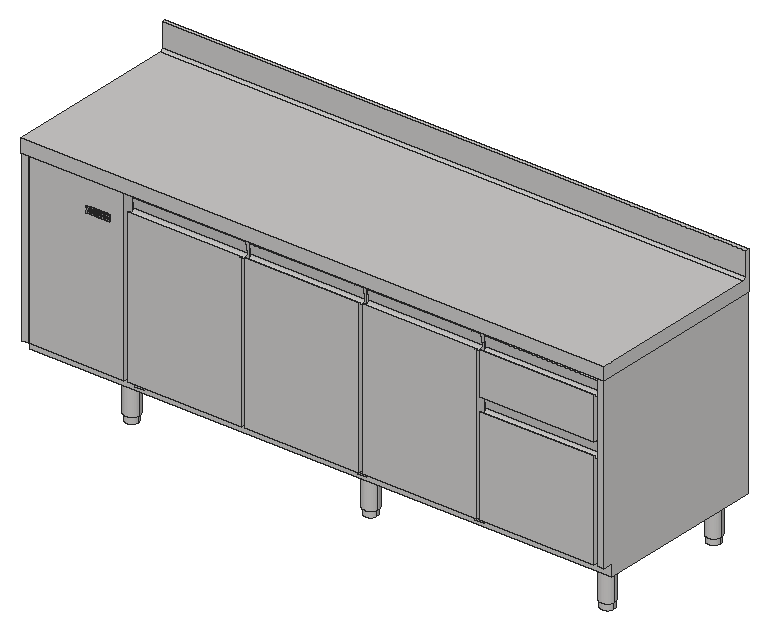
Revit family "QF_ZANUSSI_111062_ZH4H3AAAD", category Specialty Equipment, Revit 2018
Family settings
  Round Connector Dimension = Use Diameter
  Part Type = Normal
  Work Plane-Based = No
  Always vertical = Yes
  Cut with Voids When Loaded = No
  Shared = No
  Room Calculation Point = No
Parameters
  Weight = 0.00 kg
  Watts = 0.0232258 W
  Volts = 220 V
  URL Manufacturer = "http://www.zanussiprofessional.com/"
  URL = "http://www.zanussiprofessional.com/"
  Steam Supply Size = 0 mm
  Steam Supply Minimum Pressure = 0.0 Pa
  Steam Supply Maximum Pressure = 0.0 Pa
  Steam Pounds per Hour = 0
  Show Logo [instance] = yes
  Show Clearance [instance] = yes
  Refrigeration Suction Line Size = 0 mm
  Refrigeration Liquid Line Size = 0 mm
  Refrigerant Compressor Remote = yes
  Manufacturer = "Zanussi"
  Phase = 1
  Model = "ZH4H3AAAD"
  Length Actual = 2253 mm  # constant formula
  Item Number = "111062"
  Hot Water Size = 0 mm
  Height Actual = 1000 mm  # constant formula
  HP = "0.3 HP"
  Gas Size = 0 mm
  Gas KW = 0
  Gas Input Pressure = 0 W
  Description = "3DOOR+1/3+2/3DRAWERS REF.TABLE 590L-SPLB"
  Depth Actual = 700 mm  # constant formula
  Cycle = 50 Hz
  Condensate Return Size = 0 mm
  Compressed Air Volume = 0.0 L/s
  Compressed Air Size = 0 mm
  Compressed Air Pressure = 0.0 Pa
  Cold Water Size = 0 mm
  Accessory = yes
Reference planes
  plane 1 "Center X": y = 182.5
  plane 2: z = 0
  plane 3 "Center Y": x = -580.5
  plane 4: y = -62.5
  plane 5: y = 451.5
  plane 6 "BACK": y = 532.5
  plane 7 "FRONT": y = -167.5
  plane 8: x = -1360
  plane 9: x = 478
  plane 10: z = 150
  plane 11 "TOP": z = 900
  plane 12: z = 850
  plane 13 "LEFT": x = -1705
  plane 14 "RIGHT": x = 544
  plane 15: x = -437
  plane 16: x = -1707
  plane 17: x = 546
Forms (mm)
  Extrusion 1, solid, material "QF_Finishes_Stainless Steel"
    sketch origin (-580.5, 2, 0) x (0, 1, 0) y (0, 0, 1)
      loop
        line (530.5, 150) -> (530.5, 850) -> (-124.5, 850) -> (-124.5, 150) -> (530.5, 150)
    from -1124.5 to 1124.5
  Extrusion 2, solid, material "QF_Finishes_Stainless Steel"
    sketch origin (-1022.223, -1524, 150) x (-1, 0, 0) y (0, -1, 0)
      loop
        line (682.777, -1361.5) -> (657.777, -1361.5) -> (657.777, -1401.5) -> (682.777, -1401.5) -> (682.777, -1361.5)
      loop
        line (-1566.223, -1401.5) -> (-1541.223, -1401.5) -> (-1541.223, -1361.5) -> (-1566.223, -1361.5) -> (-1566.223, -1401.5)
    from 47 to 700
  Extrusion 3, solid, material "QF_Finishes_Stainless Steel"
    sketch origin (0, 0, 900) x (-1, 0, 0) y (0, -1, 0)
      loop
        circle (-57, -94.5) r 8.45
      loop
        circle (851, -94.5) r 8.45
    from -790.577 to -750
  Extrusion 4, solid, material "QF_Finishes_Stainless Steel"
    sketch origin (0, 0, 0) x (1, 0, 0) y (0, 1, 0)
      loop
        circle (-1621, 451.5) r 4
    from 109.423 to 150
  Extrusion 5, solid, material "QF_Finishes_Stainless Steel"
    sketch origin (-126.5, 0, 0) x (0, 1, 0) y (0, 0, 1)
      loop
        line (-167.5, 900) -> (-167.5, 850) -> (532.5, 850) -> (532.5, 1000) -> (519.5, 1000) -> (519.5, 910)
        arc (519.5, 910) -> (516.571, 902.929) -> (509.5, 900) r 10
        line (509.5, 900) -> (-167.5, 900)
    from 672.5 to -1580.5
Cuts and joins
  joined: Extrusion 1, Extrusion 2
Lines and regions (mm)
  symbolic lines, style "SpecialityEquipmentHiddenLines"
    curve 1: line (-1707, -122.5, 900) -> (546, -122.5, 900)
    curve 2: line (-1304, -167.5, 900) -> (-1304, -122.5, 900)
  symbolic lines, style "SpecialityEquipment"
    curve 3: line (-1707, 532.5, 900) -> (546, 532.5, 900)
    curve 4: line (-1707, 532.5, 900) -> (-1707, -167.5, 900)
    curve 5: line (-1707, -167.5, 900) -> (546, -167.5, 900)
    curve 6: line (546, -167.5, 900) -> (546, 532.5, 900)
    curve 7: line (-1707, 519.5, 900) -> (546, 519.5, 900)
Dimensions and locks
  locked: plane 6 "BACK" to plane 7 "FRONT" at 700
  equal spacing: plane 6 "BACK", plane 1 "Center X", plane 7 "FRONT"
  locked: plane 6 "BACK" to plane 5 at 81
  plane 10 to level = 150 mm
  plane 11 "TOP" to plane 12 to plane 10 = 50 mm locked, 700 mm locked
  locked: Extrusion 2 sketch curve to Extrusion 2 sketch curve at 25  (x2)
  locked: plane 4 to plane 7 "FRONT" at 105
  locked: plane 6 "BACK" to Extrusion 3 sketch curve at 438  (x2)
  equal spacing: plane 13 "LEFT", plane 3 "Center Y", plane 14 "RIGHT"
  plane 16 to plane 17 = 2253 mm
  locked: plane 13 "LEFT" to plane 8 at 345
  plane 15 to plane 9 to plane 14 "RIGHT" = 915 mm locked, 66 mm locked
  Extrusion 3 sketch curve to Extrusion 3 sketch curve to plane 14 "RIGHT" = 908 mm locked, 487 mm locked
  plane 13 "LEFT" to Extrusion 4 sketch curve = 84 mm
  locked: plane 6 "BACK" to Extrusion 4 sketch curve at 81
  locked: plane 10 to Extrusion 4 at 40.577
  aligned and locked: level to plane 2
  aligned and locked: plane 10 to Extrusion 3
  aligned and locked: nested 4 to plane 4
  aligned and locked: nested 1 to plane 4
  aligned and locked: nested 3 to plane 5
  aligned and locked: nested 2 to plane 5
  aligned and locked: plane 8 to nested 1
  aligned and locked: plane 8 to nested 2
  aligned and locked: plane 9 to nested 4
  aligned and locked: plane 9 to nested 3
  aligned and locked: Extrusion 1 to Extrusion 2
  aligned and locked: Extrusion 2 to Extrusion 1
  aligned and locked: Extrusion 2 sketch curve to plane 14 "RIGHT"
  aligned and locked: plane 13 "LEFT" to Extrusion 2 sketch curve
  aligned and locked: cut or joined group of Extrusion 1, Extrusion 2 to plane 10
  aligned and locked: plane 12 to cut or joined group of Extrusion 1, Extrusion 2
  aligned and locked: plane 10 to Extrusion 4
  aligned and locked: plane 15 to nested 11
  aligned and locked: plane 15 to nested 12
Automatic sketch dimensions
  plane 7 "FRONT" to Extrusion 2 sketch curve = 45 mm  (x2)
  plane 7 "FRONT" to Extrusion 2 sketch curve = 5 mm  (x2)
  Extrusion 1 sketch curve to plane 10 = 0 mm
  Extrusion 1 sketch curve to plane 12 = 0 mm
  Extrusion 1 sketch curve to plane 6 "BACK" = 0 mm
  plane 7 "FRONT" to Extrusion 1 sketch curve = 45 mm
  Extrusion 5 sketch curve to plane 7 "FRONT" = 0 mm
  Extrusion 5 sketch curve to plane 11 "TOP" = 0 mm
  Extrusion 5 sketch curve to plane 6 "BACK" = 0 mm
  Extrusion 5 sketch curve to plane 12 = 0 mm
  plane 11 "TOP" to Extrusion 5 sketch curve = 10 mm
  Extrusion 5 sketch curve to plane 6 "BACK" = 23 mm
  Extrusion 5 sketch curve to Extrusion 5 sketch curve = 90 mm
  curve 7 to plane 17 = 0 mm
  curve 2 to plane 7 "FRONT" = 0 mm
  curve 5 to plane 16 = 0 mm
  curve 3 to plane 6 "BACK" = 0 mm
  plane 8 to curve 2 = 56 mm
  curve 3 to curve 7 = 13 mm
  plane 7 "FRONT" to curve 1 = 45 mm
  radius of Extrusion 3 sketch curve = 8.45 mm  (x2)
  radius of Extrusion 4 sketch curve = 4 mm
Nested families
  nested 1: "Foot_Ø50_H150" at (-1360, -62.5, 0), type "Foot_Ø50_H150"
  nested 2: "Foot_Ø50_H150" at (-1360, 451.5, 0), type "Foot_Ø50_H150"
  nested 3: "Foot_Ø50_H150" at (478, 451.5, 0), type "Foot_Ø50_H150"
  nested 4: "Foot_Ø50_H150" at (478, -62.5, 0), type "Foot_Ø50_H150"
  nested 5: "1x1-3 1x2-3 Drawers" at (285, -164.5, 0), Show Clearance <- "Show Clearance", type "1x1-3 1x2-3 Drawers"
  nested 6: "Door" at (-169, -164.5, 0), Show Clearance <- "Show Clearance", type "Door"
  nested 7: "Refrigerator" at (544, -167.5, 900), type "Refrigerator"
  nested 8: "ZAN_Cooling Unit" at (-1495.5, -164.5, 0), Show Logo <- "Show Logo", type "ZAN_Cooling Unit"
  nested 9: "Door" at (-623, -164.5, 0), Show Clearance <- "Show Clearance", type "Door"
  nested 10: "Door" at (-1077, -164.5, 0) x (-1, 0, 0) z (0, 0, 1), Show Clearance <- "Show Clearance", type "Door"
  nested 11: "Foot_Ø50_H150" at (-437, -62.5, 0), type "Foot_Ø50_H150"
  nested 12: "Foot_Ø50_H150" at (-437, 451.5, 0), type "Foot_Ø50_H150"
Connectors
  electrical at (-1621, 451.5, 109.423), driven by "Volts"
    settings: on Extrusion 4, index 4, voltage 220 V, apparent load 0 VA, apparent load phase1 0 VA, apparent load phase2 0 VA, apparent load phase3 0 VA, power factor 1, load classification "Altro", number of poles 1, system type 30, power factor state 1, is connector primary yes, connector utility no, sub classification motor no, connector description "Electrical Connection"
  piping at (57, 94.5, 109.423), diameter 17
    settings: on Extrusion 3, index 5, connector inside diameter 609.6 mm, connector length 0 mm, flow factor 0, pipe flow 0.0 L/s, pressure drop 0.0 Pa, fitting loss kfactor 0, connector angle 0.00°, fixture units 0, engagement length 0 mm, angle of deflection 0.00°, flow configuration 1, flow direction 2, fitting loss method 0, system type 16, joint type 0, gender type 0, connector reference index -1, connector utility 0, adjustable connector no, is connector primary yes, connector description "Drain"
  piping at (-851, 94.5, 109.423), diameter 17
    settings: on Extrusion 3, index 6, connector inside diameter 609.6 mm, connector length 0 mm, flow factor 0, pipe flow 0.0 L/s, pressure drop 0.0 Pa, fitting loss kfactor 0, connector angle 0.00°, fixture units 0, engagement length 0 mm, angle of deflection 0.00°, flow configuration 1, flow direction 2, fitting loss method 0, system type 16, joint type 0, gender type 0, connector reference index -1, connector utility 0, adjustable connector no, is connector primary no, connector description "Drain"
Definition of nested family "Foot_Ø50_H150"
  Reference planes
    plane 1 "Centro (Fronte/Retro)": y = 0
    plane 2: z = 0
    plane 3 "Centro (Sinistra/Destra)": x = 0
    plane 4: z = 150
  Forms (mm)
    Revolve 1, solid
      sketch origin (255.05, 0, 608.09) x (0, 0, 1) y (-1, 0, 0)
        loop
          line (-608.09, 255.05) -> (-608.09, 230.05) -> (-583.09, 230.05) -> (-583.09, 226.05) -> (-458.09, 226.05) -> (-458.09, 255.05) -> (-608.09, 255.05)
        axis (-608.09, 255.05) -> (-458.09, 255.05)
      angle from 0 to 360
  Dimensions and locks
    locked: Revolve 1 sketch curve to Revolve 1 sketch curve at 125
    aligned and locked: level to plane 2
    aligned and locked: plane 4 to Revolve 1 sketch curve
    aligned and locked: Revolve 1 sketch curve to level
    aligned and locked: plane 3 "Centro (Sinistra/Destra)" to Revolve 1 sketch curve
Definition of nested family "1x1-3 1x2-3 Drawers"
  Parameters
    Show Clearance [instance] = yes
  Reference planes
    plane 1 "FRONT": y = -3
    plane 2: z = 0
    plane 3 "Centro (Sinistra/Destra)": x = 0
    plane 4: z = 150
    plane 5: z = 850
    plane 6: x = -234
    plane 7: x = 234
    plane 8: x = -220
    plane 9: x = 220
  Forms (mm)
    Extrusion 1, solid
      sketch origin (0, 55, 511) x (0, 0, 1) y (0, -1, 0)
        loop
          line (314, 18) -> (314, 29) -> (274.395, 22.5)
          arc (274.395, 22.5) -> (260.395, 36.5) -> (274.395, 50.5) r 14
          line (274.395, 50.5) -> (274.395, 53) -> (111.333, 53) -> (111.333, 18) -> (314, 18)
        loop
          line (101.333, 29) -> (61.728, 22.5)
          arc (61.728, 22.5) -> (47.728, 36.5) -> (61.728, 50.5) r 14
          line (61.728, 50.5) -> (61.728, 53) -> (-314, 53) -> (-314, 18) -> (101.333, 18) -> (101.333, 29)
      from -220 to 220
    Extrusion 2, solid, visible <- "Show Clearance", detail levels coarse
      sketch origin (0, -462, 511) x (0, 0, 1) y (0, -1, 0)
        loop
          line (-314, 109) -> (-314, -464) -> (101.333, -464) -> (101.333, 109) -> (-314, 109)
        loop
          line (314, -464) -> (314, 109) -> (111.333, 109) -> (111.333, -464) -> (314, -464)
      from -220 to 220
  Lines and regions (mm)
    symbolic lines
      curve 1: line (-220, -208, 0) -> (-220, -243, 0)
      curve 2: line (220, -243, 0) -> (220, -208, 0)
      curve 3: line (-190, -3, 0) -> (-190, -48, 0)
      curve 4: line (220, -48, 0) -> (-220, -48, 0)
      curve 5: line (-220, -48, 0) -> (-220, -83, 0)
      curve 6: line (-220, -83, 0) -> (220, -83, 0)
      curve 7: line (220, -83, 0) -> (220, -48, 0)
      curve 8: line (190, -48, 0) -> (190, -3, 0)
      curve 9: line (-190, -83, 0) -> (-190, -208, 0)
      curve 10: line (190, -208, 0) -> (190, -83, 0)
      curve 11: line (220, -208, 0) -> (-220, -208, 0)
      curve 12: line (-220, -208, 0) -> (-220, -243, 0)
      curve 13: line (-220, -243, 0) -> (220, -243, 0)
      curve 14: line (220, -243, 0) -> (220, -208, 0)
  Dimensions and locks
    aligned and locked: level to plane 2
Definition of nested family "Door"
  Parameters
    Show Clearance [instance] = yes
  Reference planes
    plane 1 "FRONT": y = -3
    plane 2: z = 0
    plane 3 "Centro (Sinistra/Destra)": x = 0
    plane 4: z = 150
    plane 5: z = 850
    plane 6: x = -234
    plane 7: x = 234
    plane 8: x = -220
    plane 9: x = 220
  Forms (mm)
    Extrusion 1, solid
      sketch origin (0, 53, 511) x (0, 0, 1) y (0, -1, 0)
        loop
          line (-323.003, 28.5) -> (-316.501, 28.5) -> (-316.501, 31) -> (-325.503, 31) -> (-325.503, 13.5) -> (-345.503, 13.5) -> (-345.503, 11) -> (-323.003, 11) -> (-323.003, 23.259) -> (-323.003, 28.5)
        loop
          line (-314, 27) -> (-316.501, 27) -> (-316.501, 18.501) -> (-319.752, 18.501) -> (-319.752, 16) -> (-314, 16) -> (-314, 27)
        loop
          line (315.003, 27) -> (315.003, 13.948) -> (315.003, 11) -> (327.503, 11) -> (327.503, 13.5) -> (317.503, 13.5) -> (317.503, 27) -> (315.003, 27)
      from 185 to 220
    Extrusion 2, solid, visible <- "Show Clearance", detail levels coarse
      sketch origin (0, 53, 511) x (0, -1, 0) y (1, 0, 0)
        loop
          line (51, 220) -> (51, -220)
          arc (51, -220) -> (339.234, -79.44) -> (454, 220) r 437.168
          line (454, 220) -> (51, 220)
      from -314 to 314
    Extrusion 3, solid
      sketch origin (0, 55, 511) x (0, 0, 1) y (0, -1, 0)
        loop
          line (314, 18) -> (314, 29) -> (274.395, 22.5)
          arc (274.395, 22.5) -> (260.395, 36.5) -> (274.395, 50.5) r 14
          line (274.395, 50.5) -> (274.395, 53) -> (-314, 53) -> (-314, 18) -> (314, 18)
      from -220 to 220
  Lines and regions (mm)
    symbolic lines
      curve 1: line (220, -3, 0) -> (220, -401, 0)
      curve 2: line (220, -401, 0) -> (185, -401, 0)
      curve 3: line (185, -401, 0) -> (185, -3, 0)
      curve 4: arc (-219.722, -3, 0) -> (-89.51, -275.368, 0) -> (185, -401, 0) r 442.855
  Dimensions and locks
    aligned and locked: level to plane 2
Definition of nested family "ZAN_Cooling Unit"
  Parameters
    Show Logo [instance] = yes
  Reference planes
    plane 1 "FRONT": y = -3
    plane 2: z = 0
    plane 3 "Centro (Sinistra/Destra)": x = 0
    plane 4: z = 150
    plane 5: z = 850
    plane 6: x = -184.5
    plane 7: x = 184.5
  Forms (mm)
    Extrusion 1, solid
      sketch origin (0, 55, 511) x (0, 0, 1) y (0, -1, 0)
        loop
          line (-314, 53) -> (-314, 13) -> (339, 13) -> (339, 53) -> (-314, 53)
      from -184.5 to 184.5
  Lines and regions (mm)
    Split face 1
      outline origin (0, 2, 197) x (0, 0, 1) y (-1, 0, 0)
        loop
          line (566.835, 184.5) -> (566.835, -184.5)
        loop
          line (521.835, 184.5) -> (521.835, -184.5)
    Split face 2
      outline origin (0, 2, 197) x (0, 0, 1) y (-1, 0, 0)
        loop
          arc (510.649, 158.547) -> (506.648, 162.548) -> (502.647, 158.547) r 4.001
          line (502.647, 158.547) -> (502.647, 116.535)
          arc (502.647, 116.535) -> (506.648, 112.533) -> (510.649, 116.535) r 4.001
          line (510.649, 116.535) -> (510.649, 158.547)
    Split face 3
      outline origin (0, 2, 184.996) x (0, 0, 1) y (-1, 0, 0)
        loop
          arc (510.649, 158.547) -> (506.648, 162.548) -> (502.647, 158.547) r 4.001
          line (502.647, 158.547) -> (502.647, 116.535)
          arc (502.647, 116.535) -> (506.648, 112.533) -> (510.649, 116.535) r 4.001
          line (510.649, 116.535) -> (510.649, 158.547)
    Split face 4
      outline origin (0, 2, 172.993) x (0, 0, 1) y (-1, 0, 0)
        loop
          arc (510.649, 158.547) -> (506.648, 162.548) -> (502.647, 158.547) r 4.001
          line (502.647, 158.547) -> (502.647, 116.535)
          arc (502.647, 116.535) -> (506.648, 112.533) -> (510.649, 116.535) r 4.001
          line (510.649, 116.535) -> (510.649, 158.547)
    Split face 5
      outline origin (0, 2, 160.989) x (0, 0, 1) y (-1, 0, 0)
        loop
          arc (510.649, 158.547) -> (506.648, 162.548) -> (502.647, 158.547) r 4.001
          line (502.647, 158.547) -> (502.647, 116.535)
          arc (502.647, 116.535) -> (506.648, 112.533) -> (510.649, 116.535) r 4.001
          line (510.649, 116.535) -> (510.649, 158.547)
    Split face 6
      outline origin (0, 2, 148.986) x (0, 0, 1) y (-1, 0, 0)
        loop
          arc (510.649, 158.547) -> (506.648, 162.548) -> (502.647, 158.547) r 4.001
          line (502.647, 158.547) -> (502.647, 116.535)
          arc (502.647, 116.535) -> (506.648, 112.533) -> (510.649, 116.535) r 4.001
          line (510.649, 116.535) -> (510.649, 158.547)
    Split face 7
      outline origin (0, 2, 136.982) x (0, 0, 1) y (-1, 0, 0)
        loop
          arc (510.649, 158.547) -> (506.648, 162.548) -> (502.647, 158.547) r 4.001
          line (502.647, 158.547) -> (502.647, 116.535)
          arc (502.647, 116.535) -> (506.648, 112.533) -> (510.649, 116.535) r 4.001
          line (510.649, 116.535) -> (510.649, 158.547)
    Split face 8
      outline origin (0, 2, 124.979) x (0, 0, 1) y (-1, 0, 0)
        loop
          arc (510.649, 158.547) -> (506.648, 162.548) -> (502.647, 158.547) r 4.001
          line (502.647, 158.547) -> (502.647, 116.535)
          arc (502.647, 116.535) -> (506.648, 112.533) -> (510.649, 116.535) r 4.001
          line (510.649, 116.535) -> (510.649, 158.547)
    Split face 9
      outline origin (0, 2, 112.975) x (0, 0, 1) y (-1, 0, 0)
        loop
          arc (510.649, 158.547) -> (506.648, 162.548) -> (502.647, 158.547) r 4.001
          line (502.647, 158.547) -> (502.647, 116.535)
          arc (502.647, 116.535) -> (506.648, 112.533) -> (510.649, 116.535) r 4.001
          line (510.649, 116.535) -> (510.649, 158.547)
    Split face 10
      outline origin (0, 2, 100.972) x (0, 0, 1) y (-1, 0, 0)
        loop
          arc (510.649, 158.547) -> (506.648, 162.548) -> (502.647, 158.547) r 4.001
          line (502.647, 158.547) -> (502.647, 116.535)
          arc (502.647, 116.535) -> (506.648, 112.533) -> (510.649, 116.535) r 4.001
          line (510.649, 116.535) -> (510.649, 158.547)
    Split face 11
      outline origin (0, 2, 88.968) x (0, 0, 1) y (-1, 0, 0)
        loop
          arc (510.649, 158.547) -> (506.648, 162.548) -> (502.647, 158.547) r 4.001
          line (502.647, 158.547) -> (502.647, 116.535)
          arc (502.647, 116.535) -> (506.648, 112.533) -> (510.649, 116.535) r 4.001
          line (510.649, 116.535) -> (510.649, 158.547)
    Split face 12
      outline origin (0, 2, 76.965) x (0, 0, 1) y (-1, 0, 0)
        loop
          arc (510.649, 158.547) -> (506.648, 162.548) -> (502.647, 158.547) r 4.001
          line (502.647, 158.547) -> (502.647, 116.535)
          arc (502.647, 116.535) -> (506.648, 112.533) -> (510.649, 116.535) r 4.001
          line (510.649, 116.535) -> (510.649, 158.547)
    Split face 13
      outline origin (0, 2, 64.961) x (0, 0, 1) y (-1, 0, 0)
        loop
          arc (510.649, 158.547) -> (506.648, 162.548) -> (502.647, 158.547) r 4.001
          line (502.647, 158.547) -> (502.647, 116.535)
          arc (502.647, 116.535) -> (506.648, 112.533) -> (510.649, 116.535) r 4.001
          line (510.649, 116.535) -> (510.649, 158.547)
    Split face 14
      outline origin (0, 2, 52.958) x (0, 0, 1) y (-1, 0, 0)
        loop
          arc (510.649, 158.547) -> (506.648, 162.548) -> (502.647, 158.547) r 4.001
          line (502.647, 158.547) -> (502.647, 116.535)
          arc (502.647, 116.535) -> (506.648, 112.533) -> (510.649, 116.535) r 4.001
          line (510.649, 116.535) -> (510.649, 158.547)
    Split face 15
      outline origin (0, 2, 40.954) x (0, 0, 1) y (-1, 0, 0)
        loop
          arc (510.649, 158.547) -> (506.648, 162.548) -> (502.647, 158.547) r 4.001
          line (502.647, 158.547) -> (502.647, 116.535)
          arc (502.647, 116.535) -> (506.648, 112.533) -> (510.649, 116.535) r 4.001
          line (510.649, 116.535) -> (510.649, 158.547)
    Split face 16
      outline origin (0, 2, 28.951) x (0, 0, 1) y (-1, 0, 0)
        loop
          arc (510.649, 158.547) -> (506.648, 162.548) -> (502.647, 158.547) r 4.001
          line (502.647, 158.547) -> (502.647, 116.535)
          arc (502.647, 116.535) -> (506.648, 112.533) -> (510.649, 116.535) r 4.001
          line (510.649, 116.535) -> (510.649, 158.547)
    Split face 17
      outline origin (0, 2, 16.947) x (0, 0, 1) y (-1, 0, 0)
        loop
          arc (510.649, 158.547) -> (506.648, 162.548) -> (502.647, 158.547) r 4.001
          line (502.647, 158.547) -> (502.647, 116.535)
          arc (502.647, 116.535) -> (506.648, 112.533) -> (510.649, 116.535) r 4.001
          line (510.649, 116.535) -> (510.649, 158.547)
    Split face 18
      outline origin (55.016, 2, 197) x (0, 0, 1) y (-1, 0, 0)
        loop
          arc (510.649, 158.547) -> (506.648, 162.548) -> (502.647, 158.547) r 4.001
          line (502.647, 158.547) -> (502.647, 116.535)
          arc (502.647, 116.535) -> (506.648, 112.533) -> (510.649, 116.535) r 4.001
          line (510.649, 116.535) -> (510.649, 158.547)
    Split face 19
      outline origin (55.016, 2, 184.996) x (0, 0, 1) y (-1, 0, 0)
        loop
          arc (510.649, 158.547) -> (506.648, 162.548) -> (502.647, 158.547) r 4.001
          line (502.647, 158.547) -> (502.647, 116.535)
          arc (502.647, 116.535) -> (506.648, 112.533) -> (510.649, 116.535) r 4.001
          line (510.649, 116.535) -> (510.649, 158.547)
    Split face 20
      outline origin (55.016, 2, 172.993) x (0, 0, 1) y (-1, 0, 0)
        loop
          arc (510.649, 158.547) -> (506.648, 162.548) -> (502.647, 158.547) r 4.001
          line (502.647, 158.547) -> (502.647, 116.535)
          arc (502.647, 116.535) -> (506.648, 112.533) -> (510.649, 116.535) r 4.001
          line (510.649, 116.535) -> (510.649, 158.547)
    Split face 21
      outline origin (55.016, 2, 160.989) x (0, 0, 1) y (-1, 0, 0)
        loop
          arc (510.649, 158.547) -> (506.648, 162.548) -> (502.647, 158.547) r 4.001
          line (502.647, 158.547) -> (502.647, 116.535)
          arc (502.647, 116.535) -> (506.648, 112.533) -> (510.649, 116.535) r 4.001
          line (510.649, 116.535) -> (510.649, 158.547)
    Split face 22
      outline origin (55.016, 2, 148.986) x (0, 0, 1) y (-1, 0, 0)
        loop
          arc (510.649, 158.547) -> (506.648, 162.548) -> (502.647, 158.547) r 4.001
          line (502.647, 158.547) -> (502.647, 116.535)
          arc (502.647, 116.535) -> (506.648, 112.533) -> (510.649, 116.535) r 4.001
          line (510.649, 116.535) -> (510.649, 158.547)
    Split face 23
      outline origin (55.016, 2, 136.982) x (0, 0, 1) y (-1, 0, 0)
        loop
          arc (510.649, 158.547) -> (506.648, 162.548) -> (502.647, 158.547) r 4.001
          line (502.647, 158.547) -> (502.647, 116.535)
          arc (502.647, 116.535) -> (506.648, 112.533) -> (510.649, 116.535) r 4.001
          line (510.649, 116.535) -> (510.649, 158.547)
    Split face 24
      outline origin (55.016, 2, 124.979) x (0, 0, 1) y (-1, 0, 0)
        loop
          arc (510.649, 158.547) -> (506.648, 162.548) -> (502.647, 158.547) r 4.001
          line (502.647, 158.547) -> (502.647, 116.535)
          arc (502.647, 116.535) -> (506.648, 112.533) -> (510.649, 116.535) r 4.001
          line (510.649, 116.535) -> (510.649, 158.547)
    Split face 25
      outline origin (55.016, 2, 112.975) x (0, 0, 1) y (-1, 0, 0)
        loop
          arc (510.649, 158.547) -> (506.648, 162.548) -> (502.647, 158.547) r 4.001
          line (502.647, 158.547) -> (502.647, 116.535)
          arc (502.647, 116.535) -> (506.648, 112.533) -> (510.649, 116.535) r 4.001
          line (510.649, 116.535) -> (510.649, 158.547)
    Split face 26
      outline origin (55.016, 2, 100.972) x (0, 0, 1) y (-1, 0, 0)
        loop
          arc (510.649, 158.547) -> (506.648, 162.548) -> (502.647, 158.547) r 4.001
          line (502.647, 158.547) -> (502.647, 116.535)
          arc (502.647, 116.535) -> (506.648, 112.533) -> (510.649, 116.535) r 4.001
          line (510.649, 116.535) -> (510.649, 158.547)
    Split face 27
      outline origin (55.016, 2, 88.968) x (0, 0, 1) y (-1, 0, 0)
        loop
          arc (510.649, 158.547) -> (506.648, 162.548) -> (502.647, 158.547) r 4.001
          line (502.647, 158.547) -> (502.647, 116.535)
          arc (502.647, 116.535) -> (506.648, 112.533) -> (510.649, 116.535) r 4.001
          line (510.649, 116.535) -> (510.649, 158.547)
    Split face 28
      outline origin (55.016, 2, 76.965) x (0, 0, 1) y (-1, 0, 0)
        loop
          arc (510.649, 158.547) -> (506.648, 162.548) -> (502.647, 158.547) r 4.001
          line (502.647, 158.547) -> (502.647, 116.535)
          arc (502.647, 116.535) -> (506.648, 112.533) -> (510.649, 116.535) r 4.001
          line (510.649, 116.535) -> (510.649, 158.547)
    Split face 29
      outline origin (55.016, 2, 64.961) x (0, 0, 1) y (-1, 0, 0)
        loop
          arc (510.649, 158.547) -> (506.648, 162.548) -> (502.647, 158.547) r 4.001
          line (502.647, 158.547) -> (502.647, 116.535)
          arc (502.647, 116.535) -> (506.648, 112.533) -> (510.649, 116.535) r 4.001
          line (510.649, 116.535) -> (510.649, 158.547)
    Split face 30
      outline origin (55.016, 2, 52.958) x (0, 0, 1) y (-1, 0, 0)
        loop
          arc (510.649, 158.547) -> (506.648, 162.548) -> (502.647, 158.547) r 4.001
          line (502.647, 158.547) -> (502.647, 116.535)
          arc (502.647, 116.535) -> (506.648, 112.533) -> (510.649, 116.535) r 4.001
          line (510.649, 116.535) -> (510.649, 158.547)
    Split face 31
      outline origin (55.016, 2, 40.954) x (0, 0, 1) y (-1, 0, 0)
        loop
          arc (510.649, 158.547) -> (506.648, 162.548) -> (502.647, 158.547) r 4.001
          line (502.647, 158.547) -> (502.647, 116.535)
          arc (502.647, 116.535) -> (506.648, 112.533) -> (510.649, 116.535) r 4.001
          line (510.649, 116.535) -> (510.649, 158.547)
    Split face 32
      outline origin (55.016, 2, 28.951) x (0, 0, 1) y (-1, 0, 0)
        loop
          arc (510.649, 158.547) -> (506.648, 162.548) -> (502.647, 158.547) r 4.001
          line (502.647, 158.547) -> (502.647, 116.535)
          arc (502.647, 116.535) -> (506.648, 112.533) -> (510.649, 116.535) r 4.001
          line (510.649, 116.535) -> (510.649, 158.547)
    Split face 33
      outline origin (55.016, 2, 16.947) x (0, 0, 1) y (-1, 0, 0)
        loop
          arc (510.649, 158.547) -> (506.648, 162.548) -> (502.647, 158.547) r 4.001
          line (502.647, 158.547) -> (502.647, 116.535)
          arc (502.647, 116.535) -> (506.648, 112.533) -> (510.649, 116.535) r 4.001
          line (510.649, 116.535) -> (510.649, 158.547)
    Split face 34
      outline origin (110.032, 2, 197) x (0, 0, 1) y (-1, 0, 0)
        loop
          arc (510.649, 158.547) -> (506.648, 162.548) -> (502.647, 158.547) r 4.001
          line (502.647, 158.547) -> (502.647, 116.535)
          arc (502.647, 116.535) -> (506.648, 112.533) -> (510.649, 116.535) r 4.001
          line (510.649, 116.535) -> (510.649, 158.547)
    Split face 35
      outline origin (110.032, 2, 184.996) x (0, 0, 1) y (-1, 0, 0)
        loop
          arc (510.649, 158.547) -> (506.648, 162.548) -> (502.647, 158.547) r 4.001
          line (502.647, 158.547) -> (502.647, 116.535)
          arc (502.647, 116.535) -> (506.648, 112.533) -> (510.649, 116.535) r 4.001
          line (510.649, 116.535) -> (510.649, 158.547)
    Split face 36
      outline origin (110.032, 2, 172.993) x (0, 0, 1) y (-1, 0, 0)
        loop
          arc (510.649, 158.547) -> (506.648, 162.548) -> (502.647, 158.547) r 4.001
          line (502.647, 158.547) -> (502.647, 116.535)
          arc (502.647, 116.535) -> (506.648, 112.533) -> (510.649, 116.535) r 4.001
          line (510.649, 116.535) -> (510.649, 158.547)
    Split face 37
      outline origin (110.032, 2, 160.989) x (0, 0, 1) y (-1, 0, 0)
        loop
          arc (510.649, 158.547) -> (506.648, 162.548) -> (502.647, 158.547) r 4.001
          line (502.647, 158.547) -> (502.647, 116.535)
          arc (502.647, 116.535) -> (506.648, 112.533) -> (510.649, 116.535) r 4.001
          line (510.649, 116.535) -> (510.649, 158.547)
    Split face 38
      outline origin (110.032, 2, 148.986) x (0, 0, 1) y (-1, 0, 0)
        loop
          arc (510.649, 158.547) -> (506.648, 162.548) -> (502.647, 158.547) r 4.001
          line (502.647, 158.547) -> (502.647, 116.535)
          arc (502.647, 116.535) -> (506.648, 112.533) -> (510.649, 116.535) r 4.001
          line (510.649, 116.535) -> (510.649, 158.547)
    Split face 39
      outline origin (110.032, 2, 136.982) x (0, 0, 1) y (-1, 0, 0)
        loop
          arc (510.649, 158.547) -> (506.648, 162.548) -> (502.647, 158.547) r 4.001
          line (502.647, 158.547) -> (502.647, 116.535)
          arc (502.647, 116.535) -> (506.648, 112.533) -> (510.649, 116.535) r 4.001
          line (510.649, 116.535) -> (510.649, 158.547)
    Split face 40
      outline origin (110.032, 2, 124.979) x (0, 0, 1) y (-1, 0, 0)
        loop
          arc (510.649, 158.547) -> (506.648, 162.548) -> (502.647, 158.547) r 4.001
          line (502.647, 158.547) -> (502.647, 116.535)
          arc (502.647, 116.535) -> (506.648, 112.533) -> (510.649, 116.535) r 4.001
          line (510.649, 116.535) -> (510.649, 158.547)
    Split face 41
      outline origin (110.032, 2, 112.975) x (0, 0, 1) y (-1, 0, 0)
        loop
          arc (510.649, 158.547) -> (506.648, 162.548) -> (502.647, 158.547) r 4.001
          line (502.647, 158.547) -> (502.647, 116.535)
          arc (502.647, 116.535) -> (506.648, 112.533) -> (510.649, 116.535) r 4.001
          line (510.649, 116.535) -> (510.649, 158.547)
    Split face 42
      outline origin (110.032, 2, 100.972) x (0, 0, 1) y (-1, 0, 0)
        loop
          arc (510.649, 158.547) -> (506.648, 162.548) -> (502.647, 158.547) r 4.001
          line (502.647, 158.547) -> (502.647, 116.535)
          arc (502.647, 116.535) -> (506.648, 112.533) -> (510.649, 116.535) r 4.001
          line (510.649, 116.535) -> (510.649, 158.547)
    Split face 43
      outline origin (110.032, 2, 88.968) x (0, 0, 1) y (-1, 0, 0)
        loop
          arc (510.649, 158.547) -> (506.648, 162.548) -> (502.647, 158.547) r 4.001
          line (502.647, 158.547) -> (502.647, 116.535)
          arc (502.647, 116.535) -> (506.648, 112.533) -> (510.649, 116.535) r 4.001
          line (510.649, 116.535) -> (510.649, 158.547)
    Split face 44
      outline origin (110.032, 2, 76.965) x (0, 0, 1) y (-1, 0, 0)
        loop
          arc (510.649, 158.547) -> (506.648, 162.548) -> (502.647, 158.547) r 4.001
          line (502.647, 158.547) -> (502.647, 116.535)
          arc (502.647, 116.535) -> (506.648, 112.533) -> (510.649, 116.535) r 4.001
          line (510.649, 116.535) -> (510.649, 158.547)
    Split face 45
      outline origin (110.032, 2, 64.961) x (0, 0, 1) y (-1, 0, 0)
        loop
          arc (510.649, 158.547) -> (506.648, 162.548) -> (502.647, 158.547) r 4.001
          line (502.647, 158.547) -> (502.647, 116.535)
          arc (502.647, 116.535) -> (506.648, 112.533) -> (510.649, 116.535) r 4.001
          line (510.649, 116.535) -> (510.649, 158.547)
    Split face 46
      outline origin (110.032, 2, 52.958) x (0, 0, 1) y (-1, 0, 0)
        loop
          arc (510.649, 158.547) -> (506.648, 162.548) -> (502.647, 158.547) r 4.001
          line (502.647, 158.547) -> (502.647, 116.535)
          arc (502.647, 116.535) -> (506.648, 112.533) -> (510.649, 116.535) r 4.001
          line (510.649, 116.535) -> (510.649, 158.547)
    Split face 47
      outline origin (110.032, 2, 40.954) x (0, 0, 1) y (-1, 0, 0)
        loop
          arc (510.649, 158.547) -> (506.648, 162.548) -> (502.647, 158.547) r 4.001
          line (502.647, 158.547) -> (502.647, 116.535)
          arc (502.647, 116.535) -> (506.648, 112.533) -> (510.649, 116.535) r 4.001
          line (510.649, 116.535) -> (510.649, 158.547)
    Split face 48
      outline origin (110.032, 2, 28.951) x (0, 0, 1) y (-1, 0, 0)
        loop
          arc (510.649, 158.547) -> (506.648, 162.548) -> (502.647, 158.547) r 4.001
          line (502.647, 158.547) -> (502.647, 116.535)
          arc (502.647, 116.535) -> (506.648, 112.533) -> (510.649, 116.535) r 4.001
          line (510.649, 116.535) -> (510.649, 158.547)
    Split face 49
      outline origin (110.032, 2, 16.947) x (0, 0, 1) y (-1, 0, 0)
        loop
          arc (510.649, 158.547) -> (506.648, 162.548) -> (502.647, 158.547) r 4.001
          line (502.647, 158.547) -> (502.647, 116.535)
          arc (502.647, 116.535) -> (506.648, 112.533) -> (510.649, 116.535) r 4.001
          line (510.649, 116.535) -> (510.649, 158.547)
    Split face 50
      outline origin (165.048, 2, 197) x (0, 0, 1) y (-1, 0, 0)
        loop
          arc (510.649, 158.547) -> (506.648, 162.548) -> (502.647, 158.547) r 4.001
          line (502.647, 158.547) -> (502.647, 116.535)
          arc (502.647, 116.535) -> (506.648, 112.533) -> (510.649, 116.535) r 4.001
          line (510.649, 116.535) -> (510.649, 158.547)
    Split face 51
      outline origin (165.048, 2, 184.996) x (0, 0, 1) y (-1, 0, 0)
        loop
          arc (510.649, 158.547) -> (506.648, 162.548) -> (502.647, 158.547) r 4.001
          line (502.647, 158.547) -> (502.647, 116.535)
          arc (502.647, 116.535) -> (506.648, 112.533) -> (510.649, 116.535) r 4.001
          line (510.649, 116.535) -> (510.649, 158.547)
    Split face 52
      outline origin (165.048, 2, 172.993) x (0, 0, 1) y (-1, 0, 0)
        loop
          arc (510.649, 158.547) -> (506.648, 162.548) -> (502.647, 158.547) r 4.001
          line (502.647, 158.547) -> (502.647, 116.535)
          arc (502.647, 116.535) -> (506.648, 112.533) -> (510.649, 116.535) r 4.001
          line (510.649, 116.535) -> (510.649, 158.547)
    Split face 53
      outline origin (165.048, 2, 160.989) x (0, 0, 1) y (-1, 0, 0)
        loop
          arc (510.649, 158.547) -> (506.648, 162.548) -> (502.647, 158.547) r 4.001
          line (502.647, 158.547) -> (502.647, 116.535)
          arc (502.647, 116.535) -> (506.648, 112.533) -> (510.649, 116.535) r 4.001
          line (510.649, 116.535) -> (510.649, 158.547)
    Split face 54
      outline origin (165.048, 2, 148.986) x (0, 0, 1) y (-1, 0, 0)
        loop
          arc (510.649, 158.547) -> (506.648, 162.548) -> (502.647, 158.547) r 4.001
          line (502.647, 158.547) -> (502.647, 116.535)
          arc (502.647, 116.535) -> (506.648, 112.533) -> (510.649, 116.535) r 4.001
          line (510.649, 116.535) -> (510.649, 158.547)
    Split face 55
      outline origin (165.048, 2, 136.982) x (0, 0, 1) y (-1, 0, 0)
        loop
          arc (510.649, 158.547) -> (506.648, 162.548) -> (502.647, 158.547) r 4.001
          line (502.647, 158.547) -> (502.647, 116.535)
          arc (502.647, 116.535) -> (506.648, 112.533) -> (510.649, 116.535) r 4.001
          line (510.649, 116.535) -> (510.649, 158.547)
    Split face 56
      outline origin (165.048, 2, 124.979) x (0, 0, 1) y (-1, 0, 0)
        loop
          arc (510.649, 158.547) -> (506.648, 162.548) -> (502.647, 158.547) r 4.001
          line (502.647, 158.547) -> (502.647, 116.535)
          arc (502.647, 116.535) -> (506.648, 112.533) -> (510.649, 116.535) r 4.001
          line (510.649, 116.535) -> (510.649, 158.547)
    Split face 57
      outline origin (165.048, 2, 112.975) x (0, 0, 1) y (-1, 0, 0)
        loop
          arc (510.649, 158.547) -> (506.648, 162.548) -> (502.647, 158.547) r 4.001
          line (502.647, 158.547) -> (502.647, 116.535)
          arc (502.647, 116.535) -> (506.648, 112.533) -> (510.649, 116.535) r 4.001
          line (510.649, 116.535) -> (510.649, 158.547)
    Split face 58
      outline origin (165.048, 2, 100.972) x (0, 0, 1) y (-1, 0, 0)
        loop
          arc (510.649, 158.547) -> (506.648, 162.548) -> (502.647, 158.547) r 4.001
          line (502.647, 158.547) -> (502.647, 116.535)
          arc (502.647, 116.535) -> (506.648, 112.533) -> (510.649, 116.535) r 4.001
          line (510.649, 116.535) -> (510.649, 158.547)
    Split face 59
      outline origin (165.048, 2, 88.968) x (0, 0, 1) y (-1, 0, 0)
        loop
          arc (510.649, 158.547) -> (506.648, 162.548) -> (502.647, 158.547) r 4.001
          line (502.647, 158.547) -> (502.647, 116.535)
          arc (502.647, 116.535) -> (506.648, 112.533) -> (510.649, 116.535) r 4.001
          line (510.649, 116.535) -> (510.649, 158.547)
    Split face 60
      outline origin (165.048, 2, 76.965) x (0, 0, 1) y (-1, 0, 0)
        loop
          arc (510.649, 158.547) -> (506.648, 162.548) -> (502.647, 158.547) r 4.001
          line (502.647, 158.547) -> (502.647, 116.535)
          arc (502.647, 116.535) -> (506.648, 112.533) -> (510.649, 116.535) r 4.001
          line (510.649, 116.535) -> (510.649, 158.547)
    Split face 61
      outline origin (165.048, 2, 64.961) x (0, 0, 1) y (-1, 0, 0)
        loop
          arc (510.649, 158.547) -> (506.648, 162.548) -> (502.647, 158.547) r 4.001
          line (502.647, 158.547) -> (502.647, 116.535)
          arc (502.647, 116.535) -> (506.648, 112.533) -> (510.649, 116.535) r 4.001
          line (510.649, 116.535) -> (510.649, 158.547)
    Split face 62
      outline origin (165.048, 2, 52.958) x (0, 0, 1) y (-1, 0, 0)
        loop
          arc (510.649, 158.547) -> (506.648, 162.548) -> (502.647, 158.547) r 4.001
          line (502.647, 158.547) -> (502.647, 116.535)
          arc (502.647, 116.535) -> (506.648, 112.533) -> (510.649, 116.535) r 4.001
          line (510.649, 116.535) -> (510.649, 158.547)
    Split face 63
      outline origin (165.048, 2, 40.954) x (0, 0, 1) y (-1, 0, 0)
        loop
          arc (510.649, 158.547) -> (506.648, 162.548) -> (502.647, 158.547) r 4.001
          line (502.647, 158.547) -> (502.647, 116.535)
          arc (502.647, 116.535) -> (506.648, 112.533) -> (510.649, 116.535) r 4.001
          line (510.649, 116.535) -> (510.649, 158.547)
    Split face 64
      outline origin (165.048, 2, 28.951) x (0, 0, 1) y (-1, 0, 0)
        loop
          arc (510.649, 158.547) -> (506.648, 162.548) -> (502.647, 158.547) r 4.001
          line (502.647, 158.547) -> (502.647, 116.535)
          arc (502.647, 116.535) -> (506.648, 112.533) -> (510.649, 116.535) r 4.001
          line (510.649, 116.535) -> (510.649, 158.547)
    Split face 65
      outline origin (165.048, 2, 16.947) x (0, 0, 1) y (-1, 0, 0)
        loop
          arc (510.649, 158.547) -> (506.648, 162.548) -> (502.647, 158.547) r 4.001
          line (502.647, 158.547) -> (502.647, 116.535)
          arc (502.647, 116.535) -> (506.648, 112.533) -> (510.649, 116.535) r 4.001
          line (510.649, 116.535) -> (510.649, 158.547)
    Split face 66
      outline origin (220.064, 2, 197) x (0, 0, 1) y (-1, 0, 0)
        loop
          arc (510.649, 158.547) -> (506.648, 162.548) -> (502.647, 158.547) r 4.001
          line (502.647, 158.547) -> (502.647, 116.535)
          arc (502.647, 116.535) -> (506.648, 112.533) -> (510.649, 116.535) r 4.001
          line (510.649, 116.535) -> (510.649, 158.547)
    Split face 67
      outline origin (220.064, 2, 184.996) x (0, 0, 1) y (-1, 0, 0)
        loop
          arc (510.649, 158.547) -> (506.648, 162.548) -> (502.647, 158.547) r 4.001
          line (502.647, 158.547) -> (502.647, 116.535)
          arc (502.647, 116.535) -> (506.648, 112.533) -> (510.649, 116.535) r 4.001
          line (510.649, 116.535) -> (510.649, 158.547)
    Split face 68
      outline origin (220.064, 2, 172.993) x (0, 0, 1) y (-1, 0, 0)
        loop
          arc (510.649, 158.547) -> (506.648, 162.548) -> (502.647, 158.547) r 4.001
          line (502.647, 158.547) -> (502.647, 116.535)
          arc (502.647, 116.535) -> (506.648, 112.533) -> (510.649, 116.535) r 4.001
          line (510.649, 116.535) -> (510.649, 158.547)
    Split face 69
      outline origin (220.064, 2, 160.989) x (0, 0, 1) y (-1, 0, 0)
        loop
          arc (510.649, 158.547) -> (506.648, 162.548) -> (502.647, 158.547) r 4.001
          line (502.647, 158.547) -> (502.647, 116.535)
          arc (502.647, 116.535) -> (506.648, 112.533) -> (510.649, 116.535) r 4.001
          line (510.649, 116.535) -> (510.649, 158.547)
    Split face 70
      outline origin (220.064, 2, 148.986) x (0, 0, 1) y (-1, 0, 0)
        loop
          arc (510.649, 158.547) -> (506.648, 162.548) -> (502.647, 158.547) r 4.001
          line (502.647, 158.547) -> (502.647, 116.535)
          arc (502.647, 116.535) -> (506.648, 112.533) -> (510.649, 116.535) r 4.001
          line (510.649, 116.535) -> (510.649, 158.547)
    Split face 71
      outline origin (220.064, 2, 136.982) x (0, 0, 1) y (-1, 0, 0)
        loop
          arc (510.649, 158.547) -> (506.648, 162.548) -> (502.647, 158.547) r 4.001
          line (502.647, 158.547) -> (502.647, 116.535)
          arc (502.647, 116.535) -> (506.648, 112.533) -> (510.649, 116.535) r 4.001
          line (510.649, 116.535) -> (510.649, 158.547)
    Split face 72
      outline origin (220.064, 2, 124.979) x (0, 0, 1) y (-1, 0, 0)
        loop
          arc (510.649, 158.547) -> (506.648, 162.548) -> (502.647, 158.547) r 4.001
          line (502.647, 158.547) -> (502.647, 116.535)
          arc (502.647, 116.535) -> (506.648, 112.533) -> (510.649, 116.535) r 4.001
          line (510.649, 116.535) -> (510.649, 158.547)
    Split face 73
      outline origin (220.064, 2, 112.975) x (0, 0, 1) y (-1, 0, 0)
        loop
          arc (510.649, 158.547) -> (506.648, 162.548) -> (502.647, 158.547) r 4.001
          line (502.647, 158.547) -> (502.647, 116.535)
          arc (502.647, 116.535) -> (506.648, 112.533) -> (510.649, 116.535) r 4.001
          line (510.649, 116.535) -> (510.649, 158.547)
    Split face 74
      outline origin (220.064, 2, 100.972) x (0, 0, 1) y (-1, 0, 0)
        loop
          arc (510.649, 158.547) -> (506.648, 162.548) -> (502.647, 158.547) r 4.001
          line (502.647, 158.547) -> (502.647, 116.535)
          arc (502.647, 116.535) -> (506.648, 112.533) -> (510.649, 116.535) r 4.001
          line (510.649, 116.535) -> (510.649, 158.547)
    Split face 75
      outline origin (220.064, 2, 88.968) x (0, 0, 1) y (-1, 0, 0)
        loop
          arc (510.649, 158.547) -> (506.648, 162.548) -> (502.647, 158.547) r 4.001
          line (502.647, 158.547) -> (502.647, 116.535)
          arc (502.647, 116.535) -> (506.648, 112.533) -> (510.649, 116.535) r 4.001
          line (510.649, 116.535) -> (510.649, 158.547)
    Split face 76
      outline origin (220.064, 2, 76.965) x (0, 0, 1) y (-1, 0, 0)
        loop
          arc (510.649, 158.547) -> (506.648, 162.548) -> (502.647, 158.547) r 4.001
          line (502.647, 158.547) -> (502.647, 116.535)
          arc (502.647, 116.535) -> (506.648, 112.533) -> (510.649, 116.535) r 4.001
          line (510.649, 116.535) -> (510.649, 158.547)
    Split face 77
      outline origin (220.064, 2, 64.961) x (0, 0, 1) y (-1, 0, 0)
        loop
          arc (510.649, 158.547) -> (506.648, 162.548) -> (502.647, 158.547) r 4.001
          line (502.647, 158.547) -> (502.647, 116.535)
          arc (502.647, 116.535) -> (506.648, 112.533) -> (510.649, 116.535) r 4.001
          line (510.649, 116.535) -> (510.649, 158.547)
    Split face 78
      outline origin (220.064, 2, 52.958) x (0, 0, 1) y (-1, 0, 0)
        loop
          arc (510.649, 158.547) -> (506.648, 162.548) -> (502.647, 158.547) r 4.001
          line (502.647, 158.547) -> (502.647, 116.535)
          arc (502.647, 116.535) -> (506.648, 112.533) -> (510.649, 116.535) r 4.001
          line (510.649, 116.535) -> (510.649, 158.547)
    Split face 79
      outline origin (220.064, 2, 40.954) x (0, 0, 1) y (-1, 0, 0)
        loop
          arc (510.649, 158.547) -> (506.648, 162.548) -> (502.647, 158.547) r 4.001
          line (502.647, 158.547) -> (502.647, 116.535)
          arc (502.647, 116.535) -> (506.648, 112.533) -> (510.649, 116.535) r 4.001
          line (510.649, 116.535) -> (510.649, 158.547)
    Split face 80
      outline origin (220.064, 2, 28.951) x (0, 0, 1) y (-1, 0, 0)
        loop
          arc (510.649, 158.547) -> (506.648, 162.548) -> (502.647, 158.547) r 4.001
          line (502.647, 158.547) -> (502.647, 116.535)
          arc (502.647, 116.535) -> (506.648, 112.533) -> (510.649, 116.535) r 4.001
          line (510.649, 116.535) -> (510.649, 158.547)
    Split face 81
      outline origin (220.064, 2, 16.947) x (0, 0, 1) y (-1, 0, 0)
        loop
          arc (510.649, 158.547) -> (506.648, 162.548) -> (502.647, 158.547) r 4.001
          line (502.647, 158.547) -> (502.647, 116.535)
          arc (502.647, 116.535) -> (506.648, 112.533) -> (510.649, 116.535) r 4.001
          line (510.649, 116.535) -> (510.649, 158.547)
    Split face 82
      outline origin (275.081, 2, 197) x (0, 0, 1) y (-1, 0, 0)
        loop
          arc (510.649, 158.547) -> (506.648, 162.548) -> (502.647, 158.547) r 4.001
          line (502.647, 158.547) -> (502.647, 116.535)
          arc (502.647, 116.535) -> (506.648, 112.533) -> (510.649, 116.535) r 4.001
          line (510.649, 116.535) -> (510.649, 158.547)
    Split face 83
      outline origin (275.081, 2, 184.996) x (0, 0, 1) y (-1, 0, 0)
        loop
          arc (510.649, 158.547) -> (506.648, 162.548) -> (502.647, 158.547) r 4.001
          line (502.647, 158.547) -> (502.647, 116.535)
          arc (502.647, 116.535) -> (506.648, 112.533) -> (510.649, 116.535) r 4.001
          line (510.649, 116.535) -> (510.649, 158.547)
    Split face 84
      outline origin (275.081, 2, 172.993) x (0, 0, 1) y (-1, 0, 0)
        loop
          arc (510.649, 158.547) -> (506.648, 162.548) -> (502.647, 158.547) r 4.001
          line (502.647, 158.547) -> (502.647, 116.535)
          arc (502.647, 116.535) -> (506.648, 112.533) -> (510.649, 116.535) r 4.001
          line (510.649, 116.535) -> (510.649, 158.547)
    Split face 85
      outline origin (275.081, 2, 160.989) x (0, 0, 1) y (-1, 0, 0)
        loop
          arc (510.649, 158.547) -> (506.648, 162.548) -> (502.647, 158.547) r 4.001
          line (502.647, 158.547) -> (502.647, 116.535)
          arc (502.647, 116.535) -> (506.648, 112.533) -> (510.649, 116.535) r 4.001
          line (510.649, 116.535) -> (510.649, 158.547)
    Split face 86
      outline origin (275.081, 2, 148.986) x (0, 0, 1) y (-1, 0, 0)
        loop
          arc (510.649, 158.547) -> (506.648, 162.548) -> (502.647, 158.547) r 4.001
          line (502.647, 158.547) -> (502.647, 116.535)
          arc (502.647, 116.535) -> (506.648, 112.533) -> (510.649, 116.535) r 4.001
          line (510.649, 116.535) -> (510.649, 158.547)
    Split face 87
      outline origin (275.081, 2, 136.982) x (0, 0, 1) y (-1, 0, 0)
        loop
          arc (510.649, 158.547) -> (506.648, 162.548) -> (502.647, 158.547) r 4.001
          line (502.647, 158.547) -> (502.647, 116.535)
          arc (502.647, 116.535) -> (506.648, 112.533) -> (510.649, 116.535) r 4.001
          line (510.649, 116.535) -> (510.649, 158.547)
    Split face 88
      outline origin (275.081, 2, 124.979) x (0, 0, 1) y (-1, 0, 0)
        loop
          arc (510.649, 158.547) -> (506.648, 162.548) -> (502.647, 158.547) r 4.001
          line (502.647, 158.547) -> (502.647, 116.535)
          arc (502.647, 116.535) -> (506.648, 112.533) -> (510.649, 116.535) r 4.001
          line (510.649, 116.535) -> (510.649, 158.547)
    Split face 89
      outline origin (275.081, 2, 112.975) x (0, 0, 1) y (-1, 0, 0)
        loop
          arc (510.649, 158.547) -> (506.648, 162.548) -> (502.647, 158.547) r 4.001
          line (502.647, 158.547) -> (502.647, 116.535)
          arc (502.647, 116.535) -> (506.648, 112.533) -> (510.649, 116.535) r 4.001
          line (510.649, 116.535) -> (510.649, 158.547)
    Split face 90
      outline origin (275.081, 2, 100.972) x (0, 0, 1) y (-1, 0, 0)
        loop
          arc (510.649, 158.547) -> (506.648, 162.548) -> (502.647, 158.547) r 4.001
          line (502.647, 158.547) -> (502.647, 116.535)
          arc (502.647, 116.535) -> (506.648, 112.533) -> (510.649, 116.535) r 4.001
          line (510.649, 116.535) -> (510.649, 158.547)
    Split face 91
      outline origin (275.081, 2, 88.968) x (0, 0, 1) y (-1, 0, 0)
        loop
          arc (510.649, 158.547) -> (506.648, 162.548) -> (502.647, 158.547) r 4.001
          line (502.647, 158.547) -> (502.647, 116.535)
          arc (502.647, 116.535) -> (506.648, 112.533) -> (510.649, 116.535) r 4.001
          line (510.649, 116.535) -> (510.649, 158.547)
    Split face 92
      outline origin (275.081, 2, 76.965) x (0, 0, 1) y (-1, 0, 0)
        loop
          arc (510.649, 158.547) -> (506.648, 162.548) -> (502.647, 158.547) r 4.001
          line (502.647, 158.547) -> (502.647, 116.535)
          arc (502.647, 116.535) -> (506.648, 112.533) -> (510.649, 116.535) r 4.001
          line (510.649, 116.535) -> (510.649, 158.547)
    Split face 93
      outline origin (275.081, 2, 64.961) x (0, 0, 1) y (-1, 0, 0)
        loop
          arc (510.649, 158.547) -> (506.648, 162.548) -> (502.647, 158.547) r 4.001
          line (502.647, 158.547) -> (502.647, 116.535)
          arc (502.647, 116.535) -> (506.648, 112.533) -> (510.649, 116.535) r 4.001
          line (510.649, 116.535) -> (510.649, 158.547)
    Split face 94
      outline origin (275.081, 2, 52.958) x (0, 0, 1) y (-1, 0, 0)
        loop
          arc (510.649, 158.547) -> (506.648, 162.548) -> (502.647, 158.547) r 4.001
          line (502.647, 158.547) -> (502.647, 116.535)
          arc (502.647, 116.535) -> (506.648, 112.533) -> (510.649, 116.535) r 4.001
          line (510.649, 116.535) -> (510.649, 158.547)
    Split face 95
      outline origin (275.081, 2, 40.954) x (0, 0, 1) y (-1, 0, 0)
        loop
          arc (510.649, 158.547) -> (506.648, 162.548) -> (502.647, 158.547) r 4.001
          line (502.647, 158.547) -> (502.647, 116.535)
          arc (502.647, 116.535) -> (506.648, 112.533) -> (510.649, 116.535) r 4.001
          line (510.649, 116.535) -> (510.649, 158.547)
    Split face 96
      outline origin (275.081, 2, 28.951) x (0, 0, 1) y (-1, 0, 0)
        loop
          arc (510.649, 158.547) -> (506.648, 162.548) -> (502.647, 158.547) r 4.001
          line (502.647, 158.547) -> (502.647, 116.535)
          arc (502.647, 116.535) -> (506.648, 112.533) -> (510.649, 116.535) r 4.001
          line (510.649, 116.535) -> (510.649, 158.547)
    Split face 97
      outline origin (275.081, 2, 16.947) x (0, 0, 1) y (-1, 0, 0)
        loop
          arc (510.649, 158.547) -> (506.648, 162.548) -> (502.647, 158.547) r 4.001
          line (502.647, 158.547) -> (502.647, 116.535)
          arc (502.647, 116.535) -> (506.648, 112.533) -> (510.649, 116.535) r 4.001
          line (510.649, 116.535) -> (510.649, 158.547)
    Split face 98
      outline origin (0, 2, -113.091) x (0, 0, 1) y (-1, 0, 0)
        loop
          arc (510.649, 158.547) -> (506.648, 162.548) -> (502.647, 158.547) r 4.001
          line (502.647, 158.547) -> (502.647, 116.535)
          arc (502.647, 116.535) -> (506.648, 112.533) -> (510.649, 116.535) r 4.001
          line (510.649, 116.535) -> (510.649, 158.547)
    Split face 99
      outline origin (0, 2, -125.094) x (0, 0, 1) y (-1, 0, 0)
        loop
          arc (510.649, 158.547) -> (506.648, 162.548) -> (502.647, 158.547) r 4.001
          line (502.647, 158.547) -> (502.647, 116.535)
          arc (502.647, 116.535) -> (506.648, 112.533) -> (510.649, 116.535) r 4.001
          line (510.649, 116.535) -> (510.649, 158.547)
    Split face 100
      outline origin (0, 2, -137.098) x (0, 0, 1) y (-1, 0, 0)
        loop
          arc (510.649, 158.547) -> (506.648, 162.548) -> (502.647, 158.547) r 4.001
          line (502.647, 158.547) -> (502.647, 116.535)
          arc (502.647, 116.535) -> (506.648, 112.533) -> (510.649, 116.535) r 4.001
          line (510.649, 116.535) -> (510.649, 158.547)
    Split face 101
      outline origin (0, 2, -149.101) x (0, 0, 1) y (-1, 0, 0)
        loop
          arc (510.649, 158.547) -> (506.648, 162.548) -> (502.647, 158.547) r 4.001
          line (502.647, 158.547) -> (502.647, 116.535)
          arc (502.647, 116.535) -> (506.648, 112.533) -> (510.649, 116.535) r 4.001
          line (510.649, 116.535) -> (510.649, 158.547)
    Split face 102
      outline origin (0, 2, -161.105) x (0, 0, 1) y (-1, 0, 0)
        loop
          arc (510.649, 158.547) -> (506.648, 162.548) -> (502.647, 158.547) r 4.001
          line (502.647, 158.547) -> (502.647, 116.535)
          arc (502.647, 116.535) -> (506.648, 112.533) -> (510.649, 116.535) r 4.001
          line (510.649, 116.535) -> (510.649, 158.547)
    Split face 103
      outline origin (0, 2, -173.108) x (0, 0, 1) y (-1, 0, 0)
        loop
          arc (510.649, 158.547) -> (506.648, 162.548) -> (502.647, 158.547) r 4.001
          line (502.647, 158.547) -> (502.647, 116.535)
          arc (502.647, 116.535) -> (506.648, 112.533) -> (510.649, 116.535) r 4.001
          line (510.649, 116.535) -> (510.649, 158.547)
    Split face 104
      outline origin (0, 2, -185.112) x (0, 0, 1) y (-1, 0, 0)
        loop
          arc (510.649, 158.547) -> (506.648, 162.548) -> (502.647, 158.547) r 4.001
          line (502.647, 158.547) -> (502.647, 116.535)
          arc (502.647, 116.535) -> (506.648, 112.533) -> (510.649, 116.535) r 4.001
          line (510.649, 116.535) -> (510.649, 158.547)
    Split face 105
      outline origin (0, 2, -197.115) x (0, 0, 1) y (-1, 0, 0)
        loop
          arc (510.649, 158.547) -> (506.648, 162.548) -> (502.647, 158.547) r 4.001
          line (502.647, 158.547) -> (502.647, 116.535)
          arc (502.647, 116.535) -> (506.648, 112.533) -> (510.649, 116.535) r 4.001
          line (510.649, 116.535) -> (510.649, 158.547)
    Split face 106
      outline origin (0, 2, -209.119) x (0, 0, 1) y (-1, 0, 0)
        loop
          arc (510.649, 158.547) -> (506.648, 162.548) -> (502.647, 158.547) r 4.001
          line (502.647, 158.547) -> (502.647, 116.535)
          arc (502.647, 116.535) -> (506.648, 112.533) -> (510.649, 116.535) r 4.001
          line (510.649, 116.535) -> (510.649, 158.547)
    Split face 107
      outline origin (0, 2, -221.122) x (0, 0, 1) y (-1, 0, 0)
        loop
          arc (510.649, 158.547) -> (506.648, 162.548) -> (502.647, 158.547) r 4.001
          line (502.647, 158.547) -> (502.647, 116.535)
          arc (502.647, 116.535) -> (506.648, 112.533) -> (510.649, 116.535) r 4.001
          line (510.649, 116.535) -> (510.649, 158.547)
    Split face 108
      outline origin (0, 2, -233.126) x (0, 0, 1) y (-1, 0, 0)
        loop
          arc (510.649, 158.547) -> (506.648, 162.548) -> (502.647, 158.547) r 4.001
          line (502.647, 158.547) -> (502.647, 116.535)
          arc (502.647, 116.535) -> (506.648, 112.533) -> (510.649, 116.535) r 4.001
          line (510.649, 116.535) -> (510.649, 158.547)
    Split face 109
      outline origin (0, 2, -245.129) x (0, 0, 1) y (-1, 0, 0)
        loop
          arc (510.649, 158.547) -> (506.648, 162.548) -> (502.647, 158.547) r 4.001
          line (502.647, 158.547) -> (502.647, 116.535)
          arc (502.647, 116.535) -> (506.648, 112.533) -> (510.649, 116.535) r 4.001
          line (510.649, 116.535) -> (510.649, 158.547)
    Split face 110
      outline origin (0, 2, -257.133) x (0, 0, 1) y (-1, 0, 0)
        loop
          arc (510.649, 158.547) -> (506.648, 162.548) -> (502.647, 158.547) r 4.001
          line (502.647, 158.547) -> (502.647, 116.535)
          arc (502.647, 116.535) -> (506.648, 112.533) -> (510.649, 116.535) r 4.001
          line (510.649, 116.535) -> (510.649, 158.547)
    Split face 111
      outline origin (0, 2, -269.136) x (0, 0, 1) y (-1, 0, 0)
        loop
          arc (510.649, 158.547) -> (506.648, 162.548) -> (502.647, 158.547) r 4.001
          line (502.647, 158.547) -> (502.647, 116.535)
          arc (502.647, 116.535) -> (506.648, 112.533) -> (510.649, 116.535) r 4.001
          line (510.649, 116.535) -> (510.649, 158.547)
    Split face 112
      outline origin (0, 2, -281.14) x (0, 0, 1) y (-1, 0, 0)
        loop
          arc (510.649, 158.547) -> (506.648, 162.548) -> (502.647, 158.547) r 4.001
          line (502.647, 158.547) -> (502.647, 116.535)
          arc (502.647, 116.535) -> (506.648, 112.533) -> (510.649, 116.535) r 4.001
          line (510.649, 116.535) -> (510.649, 158.547)
    Split face 113
      outline origin (0, 2, -293.144) x (0, 0, 1) y (-1, 0, 0)
        loop
          arc (510.649, 158.547) -> (506.648, 162.548) -> (502.647, 158.547) r 4.001
          line (502.647, 158.547) -> (502.647, 116.535)
          arc (502.647, 116.535) -> (506.648, 112.533) -> (510.649, 116.535) r 4.001
          line (510.649, 116.535) -> (510.649, 158.547)
    Split face 114
      outline origin (55.016, 2, -113.091) x (0, 0, 1) y (-1, 0, 0)
        loop
          arc (510.649, 158.547) -> (506.648, 162.548) -> (502.647, 158.547) r 4.001
          line (502.647, 158.547) -> (502.647, 116.535)
          arc (502.647, 116.535) -> (506.648, 112.533) -> (510.649, 116.535) r 4.001
          line (510.649, 116.535) -> (510.649, 158.547)
    Split face 115
      outline origin (55.016, 2, -125.094) x (0, 0, 1) y (-1, 0, 0)
        loop
          arc (510.649, 158.547) -> (506.648, 162.548) -> (502.647, 158.547) r 4.001
          line (502.647, 158.547) -> (502.647, 116.535)
          arc (502.647, 116.535) -> (506.648, 112.533) -> (510.649, 116.535) r 4.001
          line (510.649, 116.535) -> (510.649, 158.547)
    Split face 116
      outline origin (55.016, 2, -137.098) x (0, 0, 1) y (-1, 0, 0)
        loop
          arc (510.649, 158.547) -> (506.648, 162.548) -> (502.647, 158.547) r 4.001
          line (502.647, 158.547) -> (502.647, 116.535)
          arc (502.647, 116.535) -> (506.648, 112.533) -> (510.649, 116.535) r 4.001
          line (510.649, 116.535) -> (510.649, 158.547)
    Split face 117
      outline origin (55.016, 2, -149.101) x (0, 0, 1) y (-1, 0, 0)
        loop
          arc (510.649, 158.547) -> (506.648, 162.548) -> (502.647, 158.547) r 4.001
          line (502.647, 158.547) -> (502.647, 116.535)
          arc (502.647, 116.535) -> (506.648, 112.533) -> (510.649, 116.535) r 4.001
          line (510.649, 116.535) -> (510.649, 158.547)
    Split face 118
      outline origin (55.016, 2, -161.105) x (0, 0, 1) y (-1, 0, 0)
        loop
          arc (510.649, 158.547) -> (506.648, 162.548) -> (502.647, 158.547) r 4.001
          line (502.647, 158.547) -> (502.647, 116.535)
          arc (502.647, 116.535) -> (506.648, 112.533) -> (510.649, 116.535) r 4.001
          line (510.649, 116.535) -> (510.649, 158.547)
    Split face 119
      outline origin (55.016, 2, -173.108) x (0, 0, 1) y (-1, 0, 0)
        loop
          arc (510.649, 158.547) -> (506.648, 162.548) -> (502.647, 158.547) r 4.001
          line (502.647, 158.547) -> (502.647, 116.535)
          arc (502.647, 116.535) -> (506.648, 112.533) -> (510.649, 116.535) r 4.001
          line (510.649, 116.535) -> (510.649, 158.547)
    Split face 120
      outline origin (55.016, 2, -185.112) x (0, 0, 1) y (-1, 0, 0)
        loop
          arc (510.649, 158.547) -> (506.648, 162.548) -> (502.647, 158.547) r 4.001
          line (502.647, 158.547) -> (502.647, 116.535)
          arc (502.647, 116.535) -> (506.648, 112.533) -> (510.649, 116.535) r 4.001
          line (510.649, 116.535) -> (510.649, 158.547)
